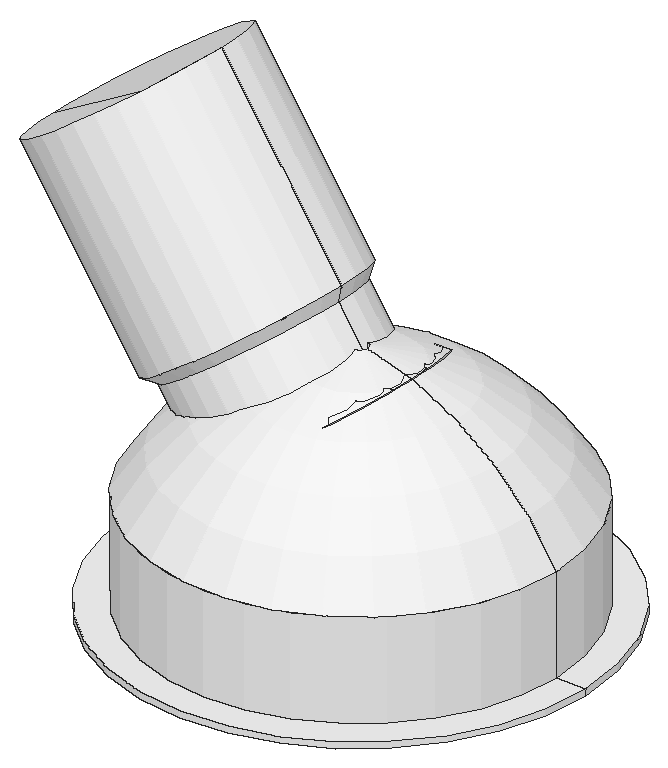
Revit family "Reggiani Adjustable round flush, M Trim - GG12 8,5W", category Lighting Fixtures, host Ceiling, Revit 2015
Parameters (values of type "Reggiani Mood adjustable round flush, M Trim - GG12B 8.5 w White")
  Youtube clip = ""
  Weight Net (Kg) = 0.26
  Wattage = 8.5 W
  Uniformat II Description = ""
  Uniformat II Code = ""
  Uniclass 2015 Name = ""
  Uniclass 2015 Code = ""
  Uniclass 2.0 Description = ""
  Uniclass 2.0 Code = ""
  Uniclass 1.4 Description = ""
  Uniclass 1.4 Code = ""
  UNSPSC Code = ""
  Technical description = "http://www.reggiani.net/wp-content/plugins/icon-catalog/icon-catalog-assets/1/3/gen_file_20/Mood_EN%20%281%29.pdf"
  Region South America = "All"
  Region Oceania = "All"
  Region North America = "All"
  Region Middle East = "All"
  Region Europe = "All"
  Region Asia = "All"
  Region Antarctica = "All"
  Region Africa = "All"
  QR code = "http://bimobject.com/reggiani/product/mood_adjustable_round_flush_trim"
  Product group = "Mood"
  Product family = "Recessed fixture"
  Product data url = "https://bimobject.com/reggiani/product/mood_adjustable_round_flush_trim"
  Product certification = ""
  Product SKU = "mood_adjustable_round_flush_trim"
  Product Guid = "3dc5a0f5-5e22-4079-ba44-7a2060405c38"
  OmniClass Description = ""
  OmniClass Code = ""
  Nominal width = 80
  Nominal height = 120
  NBS Reference Description = ""
  NBS Reference Code = ""
  Material secondary = "Glass"
  Material main = "Aluminium"
  Masterformat 2014 Description = ""
  Masterformat 2014 Code = ""
  Manufacturer name = "Reggiani"
  Manufacturer country = "Italy"
  Installation instructions = ""
  IFC Classification = ""
  Edition number = 1
  EAN code = ""
  Dimming Lamp Color Temperature Shift = <None>
  URL photometric = ""
  URL = "http://www.reggiani.net/recessed-luminaires/family/mood-adjustable-round"
  built-in parameter 1150107 = 3000 (stored number, unit not read)
  Technical data sheet = "http://www.reggiani.net/wp-content/plugins/icon-catalog/icon-catalog-assets/frontend/1/product/pdf/X.GG12B.HQ12.pdf?rnd=1715509560"
  Rotation Light [instance] = Rotation  # 35.00°
  Rotation [instance] = 35.00°
  Ring Black = Reggiani bianco
  Manufacturer = "Reggiani Spa Illuminazione"
  built-in parameter 1150110 = 1 (stored number, unit not read)
  built-in parameter 1150109 = 1 (stored number, unit not read)
  Design country = "Italy"
  Date of publishing = "2016-09-02"
  COBIe Type Category = ""
  built-in parameter 1114218 = 1 (stored number, unit not read)
  built-in parameter 1150112 = 1 (stored number, unit not read)
  Model = "Reggiani Mood adjustable round flush, GG12B 8,5 W"
  built-in parameter 1150137 = (empty or 0)
  built-in parameter 1150132 = (empty or 0)
  Lens = Policarbonato, Trasparente
  Lamp = "Led"
  built-in parameter 1150105 = 507.31 (stored number, unit not read)
  built-in parameter 1150102 = (empty or 0)
  built-in parameter 1150106 = 5.0731 (stored number, unit not read)
  Home Company = "http://www.reggiani.net/en/?lang=en"
  Frame = Reggiani bianco
  Lumens = 6375 lm
  Color Filter = 16777215
  Photometric Web File = "GG12B_HQ_8,5W_11D_ADJ.ies"
  built-in parameter 1114217 = 1 (stored number, unit not read)
  built-in parameter 1150139 = (empty or 0)
  built-in parameter 1150104 = 69.677 (stored number, unit not read)
  built-in parameter 1150115 = 1 (stored number, unit not read)
  built-in parameter 1150114 = 1 (stored number, unit not read)
  built-in parameter 1150113 = 1 (stored number, unit not read)
  Description = "Our adjustable product creates brilliant accent lighting for different environments. The lighting output and aesthetics are of a high standard, featuring multiple optics and a full range of accessories. They are available in various sizes: S, M, L, XL."
  Control = "Ø. = ON/OFF, D. = DALI, V. = DIMM 1-10V, T"
  built-in parameter 1150134 = (empty or 0)
  built-in parameter 1150138 = (empty or 0)
  Tilt Angle = 90.00°
  BIMobject category = ""
  built-in parameter 1150133 = 10 (stored number, unit not read)
Types (2, lengths in mm): name | Ring Black | Frame
  Reggiani Mood adjustable round flush, M Trim - GG12B 8.5 w White | Reggiani bianco | Reggiani bianco
  Reggiani Mood adjustable round flush, M Trim - GG12B 8.5 w Black | Reggiani Nero | Reggiani Nero
Reference planes
  plane 1 "Asse sorgente illuminazione (F/B)": y = 0
  plane 2 "Controsoffitto": z = 2438.4
  plane 3 "Asse sorgente illuminazione (L/R)": x = 0
  plane 4 "Prospetto sorgente di illuminazione": z = 2336.8
Forms (mm)
  Revolve 1, solid, material "Reggiani bianco" <- "Frame"
    sketch origin (10.516, 0, 2438.144) x (-0.573576, 0, 0.819152) y (-0.819152, 0, -0.573576)
      loop
        line (56.066, 20) -> (98.938, 20) -> (98.938, 0.044) -> (100.938, 0.044) -> (100.938, 21.8) -> (56.452, 21.8) -> (54.207, 19.555) -> (42.596, 19.555)
        arc (42.596, 19.555) -> (40.681, 23.604) -> (37.676, 26.926) r 15.299
        line (37.676, 26.926) -> (37.168, 26.047)
        arc (37.168, 26.047) -> (39.811, 23.107) -> (41.547, 19.555) r 14.299
        line (41.547, 19.555) -> (38.948, 19.555) -> (38.948, 17.618) -> (39.948, 17.618) -> (39.948, 18.555) -> (54.621, 18.555) -> (56.066, 20)
      axis (100.938, 0) -> (37.168, 0)
    angle from 0 to 360
  Revolve 2, solid, material "Reggiani bianco" <- "Ring Black"
    sketch origin (-0.136, 0, 2447.381) x (-0.173648, 0, 0.984808) y (-0.984808, 0, -0.173648)
      loop
        line (-0.55, 48.604) -> (-1.83, 48.83) -> (-3.203, 41.044) -> (-2.41, 40.904) -> (-5.883, 21.208) -> (-3.426, 20.775) -> (-0.265, 38.703) -> (17.659, 35.543)
        arc (17.659, 35.543) -> (31.336, 16.653) -> (36.166, -6.164) r 56.19
        line (36.166, -6.164) -> (39.162, -5.46)
        arc (39.162, -5.46) -> (33.545, 19.038) -> (18.268, 38.997) r 59.19
        line (18.268, 38.997) -> (-1.625, 42.505) -> (-0.55, 48.604)
      axis (38.891, -6.995) -> (-10.149, 1.652)
    angle from 0 to 360
  Revolve 3, solid, material "Policarbonato, Trasparente" <- "Lens"
    sketch origin (0, 0, 2453.163) x (-0.573576, 0, 0.819152) y (-0.819152, 0, -0.573576)
      loop
        line (20.407, 17.62) -> (20.407, 0.181) -> (21.614, 0.181) -> (21.614, 17.62) -> (20.407, 17.62)
      axis (21.614, 0) -> (20.407, 0)
    angle from 0 to 360
Lines and regions (mm)
  Opening 1
    outline origin (11.313, 0, 2438.4) x (1, 0, 0) y (0, 1, 0)
      loop
        circle (-11.313, 0) r 41
  reference lines
    curve 1: line (0, 0, 2453.163) -> (-43.018, 0, 2514.6)
Dimensions and locks
  equal spacing: host sketch curve, plane 3 "Asse sorgente illuminazione (L/R)", host sketch curve
  equal spacing: host sketch curve, plane 1 "Asse sorgente illuminazione (F/B)", host sketch curve
  host sketch curve to host sketch curve = 3048.00 mm  (x2)
  "Rotation": angle plane 3 "Asse sorgente illuminazione (L/R)" to curve 1
  "Rotation Light": angle plane 3 "Asse sorgente illuminazione (L/R)" to imposter light
Automatic sketch dimensions
  plane 1 "Asse sorgente illuminazione (F/B)" to Opening 1 sketch curve = 0.00 mm
  Opening 1 sketch curve to plane 3 "Asse sorgente illuminazione (L/R)" = 0.00 mm
  curve 1 to Revolve 3 sketch curve = 0.00 mm
  curve 1 to Revolve 3 sketch curve = 20.407 mm
  Revolve 3 sketch curve to curve 1 = 0.181 mm
  Revolve 3 sketch curve to Revolve 3 sketch curve = 1.207 mm
  curve 1 to Revolve 3 sketch curve = 6.614 mm
  Revolve 3 sketch curve to curve 1 = 10.778 mm
  Revolve 3 sketch curve to Revolve 3 sketch curve = 17.439 mm
  Revolve 2 sketch curve to Revolve 2 sketch curve = 0.00 mm  (x2)
  Revolve 2 sketch curve to plane 3 "Asse sorgente illuminazione (L/R)" = 0.00 mm  (x2)
  Revolve 2 sketch curve to plane 2 "Controsoffitto" = 0.00 mm  (x2)
  plane 3 "Asse sorgente illuminazione (L/R)" to Revolve 2 sketch curve = 9.386 mm
  Revolve 2 sketch curve to plane 2 "Controsoffitto" = 9.672 mm
  Revolve 2 sketch curve to Revolve 2 sketch curve = 14.141 mm
  Revolve 2 sketch curve to Revolve 2 sketch curve = 2.457 mm
  Revolve 2 sketch curve to Revolve 2 sketch curve = 2.68 mm
  Revolve 2 sketch curve to Revolve 2 sketch curve = 0.793 mm
  Revolve 2 sketch curve to Revolve 2 sketch curve = 1.373 mm
  Revolve 2 sketch curve to Revolve 2 sketch curve = 0.785 mm
  Revolve 2 sketch curve to Revolve 2 sketch curve = 1.28 mm
  Revolve 2 sketch curve to Revolve 2 sketch curve = 2.145 mm
  Revolve 2 sketch curve to Revolve 2 sketch curve = 17.924 mm
  Revolve 2 sketch curve to Revolve 2 sketch curve = 0.609 mm
  Revolve 2 sketch curve to Revolve 2 sketch curve = 18.507 mm
  Revolve 2 sketch curve to Revolve 2 sketch curve = 2.996 mm
  Revolve 2 sketch curve to Revolve 2 sketch curve = 9.875 mm
  Revolve 2 sketch curve to Revolve 2 sketch curve = 5.926 mm
  Revolve 1 sketch curve to Revolve 1 sketch curve = 0.00 mm  (x2)
  Revolve 1 sketch curve to curve 1 = 0.00 mm
  curve 1 to Revolve 1 sketch curve = 9.622 mm
  Revolve 1 sketch curve to Revolve 1 sketch curve = 9.212 mm
  Revolve 1 sketch curve to Revolve 1 sketch curve = 0.507 mm
  Revolve 1 sketch curve to Revolve 1 sketch curve = 1.779 mm
  Revolve 1 sketch curve to Revolve 1 sketch curve = 1.00 mm  (x3)
  Revolve 1 sketch curve to Revolve 1 sketch curve = 1.599 mm
  Revolve 1 sketch curve to Revolve 1 sketch curve = 1.048 mm
  Revolve 1 sketch curve to curve 1 = 19.555 mm
  Revolve 1 sketch curve to Revolve 1 sketch curve = 11.611 mm
  Revolve 1 sketch curve to Revolve 1 sketch curve = 0.414 mm
  Revolve 1 sketch curve to Revolve 1 sketch curve = 1.859 mm
  Revolve 1 sketch curve to Revolve 1 sketch curve = 0.386 mm
  curve 1 to Revolve 1 sketch curve = 5.603 mm
  Revolve 1 sketch curve to Revolve 1 sketch curve = 2.00 mm
  curve 1 to Revolve 1 sketch curve = 15.111 mm
  Revolve 1 sketch curve to Revolve 1 sketch curve = 1.937 mm
  Revolve 1 sketch curve to Revolve 1 sketch curve = 0.445 mm
  Revolve 1 sketch curve to Revolve 1 sketch curve = 1.80 mm
  Revolve 1 sketch curve to Revolve 1 sketch curve = 7.226 mm
  Revolve 1 sketch curve to Revolve 1 sketch curve = 7.431 mm
  Revolve 1 sketch curve to curve 1 = 0.044 mm
  curve 1 to plane 3 "Asse sorgente illuminazione (L/R)" = 0.00 mm
  plane 2 "Controsoffitto" to curve 1 = 14.763 mm
  radius of Opening 1 sketch curve = 41.00 mm
Connectors
  electrical at (0, 0, 2438.4)
    settings: on host ceiling, index 1, voltage 230 V, apparent load 0 VA, apparent load phase1 0 VA, apparent load phase2 0 VA, apparent load phase3 0 VA, power factor 1, load classification "Altro", number of poles 1, system type 31, power factor state 1, is connector primary yes, connector utility no, sub classification motor no, connector description ""
